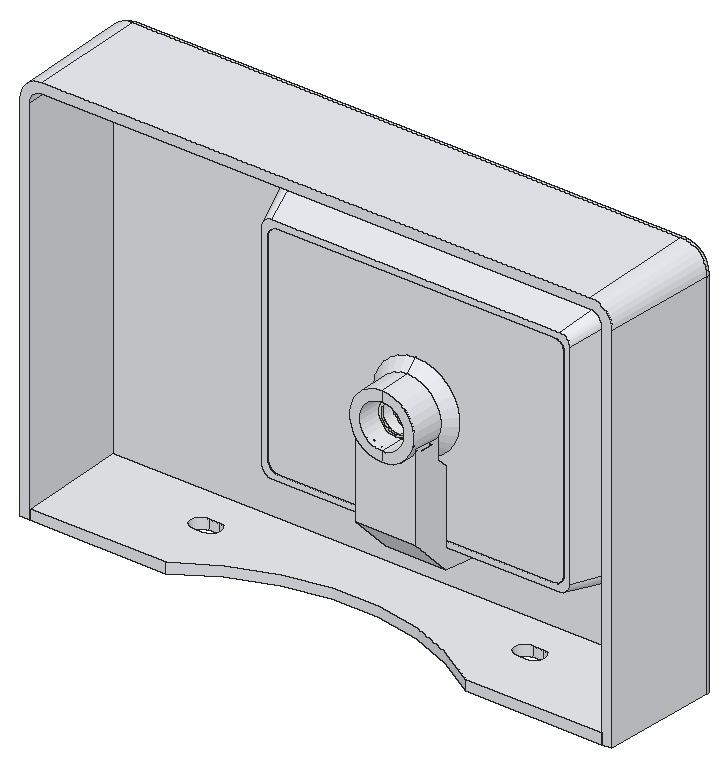
Revit family "CLARK SQUARE 600 LHS WB NTH", category Plumbing Fixtures, host Face, Revit 2015
Parameters (values of type "CLARK SQUARE 600 LHS WB NTH")
  Waste Connection = yes
  Vent Connection = no
  URL = "https://www.clark.com.au/"
  Tap Penetrations = if([3 Tapholes], 0 mm, -70 mm)  # -70 mm
  Spout Penetration = if(or([1 Taphole], [3 Tapholes]), 0 mm, -70 mm)  # -70 mm
  Model = "CL40009-W0LH"
  Material_Waste = GWA_Metal-Chrome
  Material_Basin = GWA-Porcelain-White
  Manufacturer = "GWA Bathrooms & Kitchens"  # constant formula
  HW Connection = no
  Description = "CLARK SQUARE 600 LHS WB NTH"
  Default Elevation = 0 mm
  CreatedBy_ANZRS = "GWA Bathrooms & Kitchens"  # constant formula
  CW Connection = no
  Assembly Code = "D2010400"
  3 Tapholes = no
  1 Taphole = no
Types (4, lengths in mm): name | Tap Penetrations | Spout Penetration | Model | Description | 3 Tapholes | 1 Taphole
  (no name) | -70 | -70 | "CL40009-W0LH" | "CLARK SQUARE 600 LHS WB NTH" | no | no
  CLARK SQUARE 600 LHS WB NTH | -70 | -70 | "CL40009-W0LH" | "CLARK SQUARE 600 LHS WB NTH" | no | no
  CLARK SQUARE 600 LHS WB 1TH | -70 | 0 | "CL40009-W1LH" | "CLARK SQUARE 600 LHS WB 1TH" | no | yes
  CLARK SQUARE 600 LHS WB 3TH | 0 | 0 | "CL40009-W3LH" | "CLARK SQUARE 600 LHS WB 3TH" | yes | yes
Reference planes
  plane 1 "Center (Front/Back)": y = 0
  plane 2: z = 0
  plane 3 "Center (Left/Right)": x = 0
Forms (mm)
  Sweep 1, solid, material "GWA-Porcelain-White" <- "Material_Basin"
    path in 3D
      loop
        line (-400, 55, 0) -> (-400, 55, 374)
        arc (-400, 55, 374) -> (-392.385, 55, 392.385) -> (-374, 55, 400) r 26
        line (-374, 55, 400) -> (174, 55, 400)
        arc (174, 55, 400) -> (192.385, 55, 392.385) -> (200, 55, 374) r 26
        line (200, 55, 374) -> (200, 55, 0)
    profile origin (-100, 55, 400) x (0, 0, 1) y (0, -1, 0)
      loop
        line (-4, 120) -> (-14, 120) -> (-8.493, 6) -> (-8.5, 0) -> (-6.203, 0)
        arc (-6.203, 0) -> (-1.891, 1.829) -> (-0.207, 6.2) r 6
        line (-0.207, 6.2) -> (-4, 120)
  Sweep 2, solid, material "GWA-Porcelain-White" <- "Material_Basin"
    path in 3D
      loop
        arc (138, -45, 348) -> (145.071, -45, 345.071) -> (148, -45, 338) r 10
        line (148, -45, 338) -> (148, -45, 138)
        arc (148, -45, 138) -> (145.071, -45, 130.929) -> (138, -45, 128) r 10
        line (138, -45, 128) -> (-138, -45, 128)
        arc (-138, -45, 128) -> (-145.071, -45, 130.929) -> (-148, -45, 138) r 10
        line (-148, -45, 138) -> (-148, -45, 338)
        arc (-148, -45, 338) -> (-145.071, -45, 345.071) -> (-138, -45, 348) r 10
        line (-138, -45, 348) -> (138, -45, 348)
    profile origin (0, -45, 348) x (0, 0, 1) y (0, -1, 0)
      loop
        line (0, 0) -> (0, 10) -> (-9.5, 10)
        arc (-9.5, 10) -> (-2.988, 6.674) -> (0, 0) r 11
  Sweep 3, solid, material "GWA-Porcelain-White" <- "Material_Basin"
    path in 3D
      loop
        arc (174, 55, 391.5) -> (186.374, 55, 386.374) -> (191.5, 55, 374) r 17.5
        line (191.5, 55, 374) -> (191.5, 55, 126)
        arc (191.5, 55, 126) -> (186.374, 55, 113.626) -> (174, 55, 108.5) r 17.5
        line (174, 55, 108.5) -> (-174, 55, 108.5)
        arc (-174, 55, 108.5) -> (-186.374, 55, 113.626) -> (-191.5, 55, 126) r 17.5
        line (-191.5, 55, 126) -> (-191.5, 55, 374)
        arc (-191.5, 55, 374) -> (-186.374, 55, 386.374) -> (-174, 55, 391.5) r 17.5
        line (-174, 55, 391.5) -> (174, 55, 391.5)
    profile origin (0, 55, 391.5) x (0, 0, 1) y (0, -1, 0)
      loop
        line (0, 0.007) -> (0.007, 6) -> (-5.993, 6)
        arc (-5.993, 6) -> (-4.236, 1.764) -> (0, 0.007) r 6
  Extrusion 4, solid, material "GWA-Porcelain-White" <- "Material_Basin"
    sketch origin (0, -55, 0) x (0, 0, 1) y (-1, 0, 0)
      loop
        line (348, -138) -> (348, 138)
        arc (348, 138) -> (345.071, 145.071) -> (338, 148) r 10
        line (338, 148) -> (138, 148)
        arc (138, 148) -> (130.929, 145.071) -> (128, 138) r 10
        line (128, 138) -> (128, -138)
        arc (128, -138) -> (130.929, -145.071) -> (138, -148) r 10
        line (138, -148) -> (338, -148)
        arc (338, -148) -> (345.071, -145.071) -> (348, -138) r 10
    from 0 to 10
  Blend 5, void
    base sketch origin (0, -59.5, 0) x (0, 0, 1) y (-1, 0, 0)
      loop
        circle (238, 0) r 37
    top sketch origin (0, -55, 0) x (0, 0, 1) y (-1, 0, 0)
      loop
        line (338.5, 138.5) -> (137.5, 138.5) -> (137.5, -138.5) -> (338.5, -138.5) -> (338.5, 138.5)
    from 0 to 0
  Blend 6, solid, material "GWA-Porcelain-White" <- "Material_Basin"
    base sketch origin (0, -65, 0) x (0, 0, 1) y (-1, 0, 0)
      loop
        line (354, -144) -> (354, 144)
        arc (354, 144) -> (351.071, 151.071) -> (344, 154) r 10
        line (344, 154) -> (132, 154)
        arc (132, 154) -> (124.929, 151.071) -> (122, 144) r 10
        line (122, 144) -> (122, -144)
        arc (122, -144) -> (124.929, -151.071) -> (132, -154) r 10
        line (132, -154) -> (344, -154)
        arc (344, -154) -> (351.071, -151.071) -> (354, -144) r 10
    top sketch origin (0, -65, 0) x (0, 0, 1) y (-1, 0, 0)
      loop
        line (391.5, -174) -> (391.5, 174)
        arc (391.5, 174) -> (386.374, 186.374) -> (374, 191.507) r 17.5
        line (374, 191.507) -> (126, 191.5)
        arc (126, 191.5) -> (113.626, 186.374) -> (108.493, 174) r 17.5
        line (108.493, 174) -> (108.5, -174)
        arc (108.5, -174) -> (113.626, -186.374) -> (126, -191.507) r 17.5
        line (126, -191.507) -> (374, -191.5)
        arc (374, -191.5) -> (386.374, -186.374) -> (391.5, -174) r 17.5
    from 0 to -114
  Blend 7, void
    base sketch origin (0, -45, 0) x (0, 0, 1) y (-1, 0, 0)
      loop
        line (338, 148) -> (138, 148)
        arc (138, 148) -> (130.929, 145.071) -> (128, 138) r 10
        line (128, 138) -> (128, -138)
        arc (128, -138) -> (130.929, -145.071) -> (138, -148) r 10
        line (138, -148) -> (338, -148)
        arc (338, -148) -> (345.071, -145.071) -> (348, -138) r 10
        line (348, -138) -> (348, 138)
        arc (348, 138) -> (345.071, 145.071) -> (338, 148) r 10
    top sketch origin (0, -45, 0) x (0, 0, 1) y (-1, 0, 0)
      loop
        line (114.493, 174) -> (114.493, -174)
        arc (114.493, -174) -> (117.863, -182.137) -> (126, -185.507) r 11.507
        line (126, -185.507) -> (374, -185.507)
        arc (374, -185.507) -> (382.137, -182.137) -> (385.507, -174) r 11.507
        line (385.507, -174) -> (385.507, 174)
        arc (385.507, 174) -> (382.137, 182.137) -> (374, 185.507) r 11.507
        line (374, 185.507) -> (126, 185.507)
        arc (126, 185.507) -> (117.863, 182.137) -> (114.493, 174) r 11.507
    from 0 to -94
  Extrusion 8, void
    sketch origin (0, -45, 0) x (0, 0, 1) y (-1, 0, 0)
      loop
        line (348, -138) -> (348, 138)
        arc (348, 138) -> (345.071, 145.071) -> (338, 148) r 10
        line (338, 148) -> (138, 148)
        arc (138, 148) -> (130.929, 145.071) -> (128, 138) r 10
        line (128, 138) -> (128, -138)
        arc (128, -138) -> (130.929, -145.071) -> (138, -148) r 10
        line (138, -148) -> (338, -148)
        arc (338, -148) -> (345.071, -145.071) -> (348, -138) r 10
    from 0 to 36.143
  Extrusion 9, void
    sketch origin (176.515, -138.338, 0) x (1, 0, 0) y (0, 1, 0)
      loop
        arc (-119.515, 148.338) -> (-129.515, 138.338) -> (-119.515, 128.338) r 10
        line (-119.515, 128.338) -> (-109.515, 128.338)
        arc (-109.515, 128.338) -> (-99.515, 138.338) -> (-109.515, 148.338) r 10
        line (-109.515, 148.338) -> (-119.515, 148.338)
    from -20 to 20
  Extrusion 10, void
    sketch origin (-147.485, -138.338, 0) x (1, 0, 0) y (0, 1, 0)
      loop
        arc (-119.515, 148.338) -> (-129.515, 138.338) -> (-119.515, 128.338) r 10
        line (-119.515, 128.338) -> (-109.515, 128.338)
        arc (-109.515, 128.338) -> (-99.515, 138.338) -> (-109.515, 148.338) r 10
        line (-109.515, 148.338) -> (-119.515, 148.338)
    from -20 to 20
  Extrusion 11, void
    sketch origin (59.761, -146.11, 141.816) x (1, 0, 0) y (0, 0.990268, -0.139173)
      loop
        arc (-78.761, 181.898) -> (-84.761, 175.898) -> (-78.761, 169.898) r 6
        line (-78.761, 169.898) -> (-40.761, 169.898)
        arc (-40.761, 169.898) -> (-34.761, 175.898) -> (-40.761, 181.898) r 6
        line (-40.761, 181.898) -> (-78.761, 181.898)
    from -20 to 20
  Extrusion 12, void
    sketch origin (0, -45, 0) x (0, 0, 1) y (-1, 0, 0)
      loop
        circle (238, 0) r 37
    from -20 to 21.723
  Revolve 13, solid, material "GWA-Porcelain-White" <- "Material_Basin"
    sketch origin (0, 0, 0) x (0, 1, 0) y (0, 0, 1)
      loop
        line (-59.5, 275) -> (-65, 275) -> (-65, 281.487) -> (-75.487, 271) -> (-107.487, 270) -> (-107.487, 260) -> (-72.487, 260) -> (-60.069, 272.717) -> (-59.5, 274.114) -> (-59.5, 275)
      axis (-59.5, 238) -> (-107.487, 238)
    angle from 0 to 360
  Extrusion 14, solid, material "GWA-Porcelain-White" <- "Material_Basin"
    sketch origin (0, 0, 0) x (0, 1, 0) y (0, 0, 1)
      loop
        line (-65, 194.513) -> (-75.487, 205) -> (-75.487, 238) -> (-102.668, 238) -> (-102.668, 139.668) -> (-65, 102) -> (49, 88.493) -> (49, 108.493) -> (-65, 122) -> (-65, 194.513)
    from -30 to 30
  Extrusion 15, void
    sketch origin (0, -45, 0) x (0, 0, 1) y (-1, 0, 0)
      loop
        circle (238, 0) r 22.5
    from 0 to 100
  Extrusion 16, solid, material "GWA-Porcelain-White" <- "Material_Basin"
    sketch origin (0, 55, 0) x (0, 0, 1) y (-1, 0, 0)
      loop
        arc (374, 191.5) -> (386.374, 186.374) -> (391.5, 174) r 17.5
        line (391.5, 174) -> (391.5, 374)
        arc (391.5, 374) -> (386.374, 386.374) -> (374, 391.5) r 17.5
        line (374, 391.5) -> (0, 391.5) -> (0, -191.5) -> (126, -191.5)
        arc (126, -191.5) -> (113.626, -186.374) -> (108.5, -174) r 17.5
        line (108.5, -174) -> (108.5, 174)
        arc (108.5, 174) -> (113.626, 186.374) -> (126, 191.5) r 17.5
        line (126, 191.5) -> (374, 191.5)
    from 0 to 10
  Extrusion 17, solid, material "GWA-Porcelain-White" <- "Material_Basin"
    sketch origin (0, 0, 0) x (1, 0, 0) y (0, 1, 0)
      loop
        line (-386, -65) -> (186, -65) -> (191.314, 45) -> (-391.314, 45) -> (-386, -65)
    from 10 to 0
  Extrusion 18, void
    sketch origin (1.954, 156.521, 0) x (1, 0, 0) y (0, 1, 0)
      loop
        circle (-101.954, -421.521) r 250
    from 50 to 0
  Revolve 19, solid, material "GWA_Metal-Chrome" <- "Material_Waste"
    sketch origin (0, -223.299, 316.484) x (0, 0, -1) y (0, 1, 0)
      loop
        line (95.607, 133.565) -> (97.728, 137.24) -> (97.728, 150.89) -> (99.827, 155.393) -> (99.827, 159.253) -> (108.473, 160.565) -> (108.473, 161.365) -> (98.478, 160.49) -> (98.478, 155.692) -> (95.729, 149.795) -> (95.729, 137.775) -> (93.299, 133.565) -> (95.607, 133.565)
      axis (78.484, 161.365) -> (78.484, 133.565)
    angle from 0 to 360
  Revolve 20, solid, material "GWA_Metal-Chrome" <- "Material_Waste"
    sketch origin (0, -223.299, 316.484) x (0, 0, -1) y (0, 1, 0)
      loop
        line (98.178, 159.504) -> (98.178, 160.504)
        arc (98.178, 160.504) -> (88.381, 161.998) -> (78.484, 162.514) r 100
        line (78.484, 162.514) -> (78.484, 159.504) -> (98.178, 159.504)
      axis (78.484, 162.514) -> (78.484, 159.504)
    angle from 0 to 360
  Extrusion 21, void
    sketch origin (0, 0, 0) x (1, 0, 0) y (0, 0, 1)
      loop
        circle (-100, 60) r 17
    from -80 to -70 <- "Tap Penetrations"
  Extrusion 22, void
    sketch origin (0, 0, 0) x (1, 0, 0) y (0, 0, 1)
      loop
        circle (0, 60) r 14
    from -80 to -70 <- "Spout Penetration"
  Extrusion 23, void
    sketch origin (0, 0, 0) x (1, 0, 0) y (0, 0, 1)
      loop
        circle (100, 60) r 17
    from -80 to -70 <- "Tap Penetrations"
Cuts and joins
  Blend 5, Extrusion 12 cuts Extrusion 4
  Blend 7, Extrusion 8, Extrusion 11 cuts Blend 6
  Extrusion 15 cuts Extrusion 14
  Extrusion 9, Extrusion 10, Extrusion 18 cuts Extrusion 17
  Extrusion 21, Extrusion 22, Extrusion 23 cuts Extrusion 16
Lines and regions (mm)
  Masking region 1
    outline origin (0, 0, 0) x (1, 0, 0) y (0, 1, 0)
      loop
        line (-399.793, 48.8) -> (-396, -65) -> (196, -65) -> (199.793, 48.8)
        arc (199.793, 48.8) -> (198.109, 53.171) -> (193.797, 55) r 6
        line (193.797, 55) -> (-393.797, 55)
        arc (-393.797, 55) -> (-398.109, 53.171) -> (-399.793, 48.8) r 6
  Masking region 2
    outline origin (0, 0, 0) x (1, 0, 0) y (0, 0, 1)
      loop
        line (173.797, 400) -> (-374.203, 400)
        arc (-374.203, 400) -> (-392.588, 392.385) -> (-400.203, 374) r 26
        line (-400.203, 374) -> (-400.203, 0) -> (199.797, 0) -> (199.797, 374)
        arc (199.797, 374) -> (192.181, 392.385) -> (173.797, 400) r 26
  Masking region 3
    outline origin (0, 0, 0) x (0, 1, 0) y (0, 0, 1)
      loop
        line (-65, 396) -> (-65, 0) -> (55, 0) -> (55, 393.977)
        arc (55, 393.977) -> (53.168, 398.293) -> (48.791, 399.974) r 6
        line (48.791, 399.974) -> (-65, 396)
  Masking region 4
    outline origin (0, 0, 0) x (0, 1, 0) y (0, 0, 1)
      loop
        line (-102.668, 139.668) -> (-65, 102) -> (-65, 281.487) -> (-75.487, 271) -> (-107.487, 270) -> (-107.487, 206) -> (-102.668, 205.849) -> (-102.668, 139.668)
  Masking region 5
    outline origin (0, 0, 0) x (1, 0, 0) y (0, 1, 0)
      loop
        line (-33, -75.487) -> (-32, -107.487) -> (32, -107.487) -> (33, -75.487) -> (43.487, -65) -> (-43.487, -65) -> (-33, -75.487)
  sketch lines
    curve 1: line (-374, 55, 400) -> (174, 55, 400)
    curve 2: arc (-374, 55, 400) -> (-392.385, 55, 392.385) -> (-400, 55, 374) r 26
    curve 3: line (-400, 55, 0) -> (-400, 55, 374)
    curve 4: arc (174, 55, 400) -> (192.385, 55, 392.385) -> (200, 55, 374) r 26
    curve 5: line (200, 55, 374) -> (200, 55, 0)
    curve 7: line (-138, -45, 348) -> (138, -45, 348)
    curve 8: arc (-148, -45, 338) -> (-145.071, -45, 345.071) -> (-138, -45, 348) r 10
    curve 9: arc (-148, -45, 138) -> (-145.071, -45, 130.929) -> (-138, -45, 128) r 10
    curve 10: line (-148, -45, 138) -> (-148, -45, 338)
    curve 11: line (138, -45, 128) -> (-138, -45, 128)
    curve 12: arc (138, -45, 128) -> (145.071, -45, 130.929) -> (148, -45, 138) r 10
    curve 13: arc (138, -45, 348) -> (145.071, -45, 345.071) -> (148, -45, 338) r 10
    curve 14: line (148, -45, 338) -> (148, -45, 138)
    curve 15: line (-174, 55, 391.5) -> (174, 55, 391.5)
    curve 16: arc (-191.5, 55, 374) -> (-186.374, 55, 386.374) -> (-174, 55, 391.5) r 17.5
    curve 17: line (-191.5, 55, 126) -> (-191.5, 55, 374)
    curve 18: arc (-191.5, 55, 126) -> (-186.374, 55, 113.626) -> (-174, 55, 108.5) r 17.5
    curve 19: line (174, 55, 108.5) -> (-174, 55, 108.5)
    curve 20: arc (174, 55, 108.5) -> (186.374, 55, 113.626) -> (191.5, 55, 126) r 17.5
    curve 21: line (191.5, 55, 374) -> (191.5, 55, 126)
    curve 22: arc (174, 55, 391.5) -> (186.374, 55, 386.374) -> (191.5, 55, 374) r 17.5
  model lines
    curve 6: circle (0, -59.5, 238) r 37 normal (0, -1, 0)
  symbolic lines
    curve 23: line (193.797, 55, 0) -> (-393.797, 55, 0)
    curve 24: line (-396, -65, 0) -> (196, -65, 0)
    curve 25: line (196, -65, 0) -> (199.793, 48.8, 0)
    curve 26: line (-396, -65, 0) -> (-399.793, 48.8, 0)
    curve 27: arc (-399.793, 48.8, 0) -> (-398.109, 53.171, 0) -> (-393.797, 55, 0) r 6
    curve 28: arc (193.797, 55, 0) -> (198.109, 53.171, 0) -> (199.793, 48.8, 0) r 6
    curve 29: line (-148, 0, 338) -> (-148, 0, 138)
    curve 30: line (138, 0, 348) -> (-138, 0, 348)
    curve 31: line (148, 0, 138) -> (148, 0, 338)
    curve 32: line (-138, 0, 128) -> (138, 0, 128)
    curve 33: line (174, 0, 391.5) -> (-174, 0, 391.5)
    curve 34: line (-191.5, 0, 126) -> (-191.5, 0, 374)
    curve 35: line (191.5, 0, 126) -> (191.5, 0, 374)
    curve 36: line (174, 0, 108.5) -> (-174, 0, 108.5)
    curve 37: circle (0, 0, 238) r 30 normal (0, -1, 0)
    curve 38: circle (0, 0, 238) r 20 normal (0, -1, 0)
    curve 39: line (199.797, 0, 0) -> (199.797, 0, 374)
    curve 40: line (-400.203, 0, 0) -> (-400.203, 0, 374)
    curve 41: line (199.797, 0, 0) -> (-400.203, 0, 0)
    curve 42: line (173.797, 0, 400) -> (-374.203, 0, 400)
    curve 43: arc (199.797, 0, 374) -> (192.181, 0, 392.385) -> (173.797, 0, 400) r 26
    curve 44: arc (-374.203, 0, 400) -> (-392.588, 0, 392.385) -> (-400.203, 0, 374) r 26
    curve 45: arc (-138, 0, 348) -> (-145.071, 0, 345.071) -> (-148, 0, 338) r 10
    curve 46: arc (138, 0, 348) -> (145.071, 0, 345.071) -> (148, 0, 338) r 10
    curve 47: arc (148, 0, 138) -> (145.071, 0, 130.929) -> (138, 0, 128) r 10
    curve 48: arc (-138, 0, 128) -> (-145.071, 0, 130.929) -> (-148, 0, 138) r 10
    curve 49: arc (174, 0, 391.5) -> (186.374, 0, 386.374) -> (191.5, 0, 374) r 17.5
    curve 50: arc (-174, 0, 391.5) -> (-186.374, 0, 386.374) -> (-191.5, 0, 374) r 17.5
    curve 51: arc (-174, 0, 108.5) -> (-186.374, 0, 113.626) -> (-191.5, 0, 126) r 17.5
    curve 52: arc (174, 0, 108.5) -> (186.374, 0, 113.626) -> (191.5, 0, 126) r 17.5
    curve 53: line (0, -65, 396) -> (0, -65, 0)
    curve 54: line (0, -65, 0) -> (0, 55, 0)
    curve 55: line (0, 55, 0) -> (0, 55, 393.977)
    curve 56: line (0, -65, 396) -> (0, 48.791, 399.974)
    curve 57: arc (0, 48.791, 399.974) -> (0, 53.168, 398.293) -> (0, 55, 393.977) r 6
    curve 58: line (0, -65, 281.487) -> (0, -75.487, 271)
    curve 59: line (0, -107.487, 270) -> (0, -107.487, 206)
    curve 60: line (0, -107.487, 206) -> (0, -75.487, 205)
    curve 61: line (0, -75.487, 205) -> (0, -65, 194.513)
    curve 62: line (0, -65, 102) -> (0, -102.668, 139.668)
    curve 63: line (0, -102.668, 139.668) -> (0, -102.668, 205.849)
    curve 64: line (33, -75.487, 0) -> (32, -107.487, 0)
    curve 65: line (32, -107.487, 0) -> (-32, -107.487, 0)
    curve 66: line (-32, -107.487, 0) -> (-33, -75.487, 0)
    curve 67: line (33, -75.487, 0) -> (43.487, -65, 0)
    curve 68: line (-33, -75.487, 0) -> (-43.487, -65, 0)
  symbolic lines, visible <- "3 Tapholes"
    curve 69: circle (-100, -45, 60) r 17 normal (0, -1, 0)
    curve 71: circle (100, -45, 60) r 17 normal (0, -1, 0)
  symbolic lines, visible <- "1 Taphole"
    curve 70: circle (0, -45, 60) r 14 normal (0, -1, 0)
Dimensions and locks
  aligned and locked: plane 2 to host face
  aligned and locked: level to host face
Connectors
  piping at (0, -107.487, 238), diameter 60
    settings: on Revolve 13, index 1, connector inside diameter 609.6 mm, connector length 0 mm, flow factor 0, pipe flow 0.0 L/s, pressure drop 0.0 Pa, fitting loss kfactor 0, connector angle 0.00°, fixture units 0, engagement length 0 mm, angle of deflection 0.00°, flow configuration 3, flow direction 2, fitting loss method 0, system type 16, joint type 0, gender type 0, connector reference index -1, connector utility 0, adjustable connector no, is connector primary yes, connector description ""
